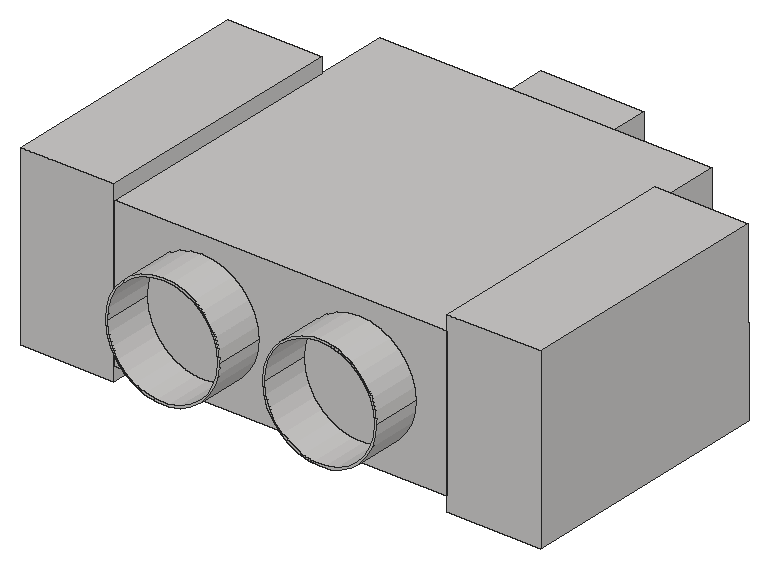
Revit family
Parameters
  Width = 1' - 11"
  Unit Weight = "79.0 lbs"
  URL = "http://www.titus-hvac.com/"
  UL = "181"
  SteriLoc Liner = Liner Option = 3  # no
  Outlet Width = 0' - 7 1/8"
  Outlet Height = 0' - 8 1/8"
  Nominal Width = Width + 1' 1"  # 3' - 0"
  Nominal Length = Length + Inlet Length + 0' 4"  # 2' - 6 3/8"
  Nominal Inlet Size = 0' - 8"
  Nominal Height = if(Height > 1' 0 1/4", Height, 1' 0 1/4")  # 1' - 0 1/4"
  NFPA = "90A"
  Model = "DEDV"
  Min. Air Flow = 0 CFM
  Max. Air Flow = 900 CFM
  Material = Steel
  Manufacturer = "Titus"
  Liner Option = 0
  Length = 1' - 11"
  Inlet Void Radius = Inlet Radius - 0' 0 1/8"  # 0' - 3 13/16"
  Inlet Radius = Inlet Diameter / 2  # 0' - 3 15/16"
  Inlet Offset = 0' - 10 7/8"
  Inlet Length = 0' - 3 3/8"
  Inlet Diameter = Nominal Inlet Size - 0' 0 1/8"  # 0' - 7 7/8"
  Height = 0' - 10 1/4"
  Heat Air Pressure Drop [instance] = 0.00 in-wg
  Heat Air Flow [instance] = 0 CFM
  Fiber Free Liner = Liner Option = 2  # no
  Duct Radius = Nominal Inlet Size / 2  # 0' - 4"
  Design Air Flow [instance] = 0 CFM
  Description = "Dual Duct Terminal Unit, Direct Digital Control, Pressure Independent, with Integral Mixer/Attenuator"
  Cool Air Pressure Drop [instance] = 0.00 in-wg
  Cool Air Flow [instance] = 0 CFM
  CADworks URL = "www.CADworks.net"
  Assembly Code = "D3040100"
  1/2" Fiberglass Liner = Liner Option = 0  # yes
  1" Fiberglass Liner = Liner Option = 1  # no
Reference planes (in)
  plane 1 "Center (Front/Back)": y = 0
  plane 2: z = 0
  plane 3 "Center (Left/Right)": x = 0
  plane 4: x = 11.5
  plane 5: x = -11.5
  plane 6: y = 11.5
  plane 7: y = -11.5
  plane 8: z = 5.125
  plane 9: z = -5.125
  plane 10: x = -5.4375
  plane 11: x = 5.4375
  plane 12: y = -14.875
  plane 13: y = 15.5
  plane 14: x = -18
  plane 15: x = 18
  plane 16: z = 6.125
  plane 17: z = -6.125
Forms (in)
  Extrusion 1, solid, material "Steel" <- "Material"
    sketch origin (0, 70.5, 0) x (1, 0, 0) y (0, 0, 1)
      loop
        line (-11.5, 5.125) -> (-11.5, -5.125) -> (11.5, -5.125) -> (11.5, 5.125) -> (-11.5, 5.125)
    from 59 to 82
  Extrusion 2, solid, material "Steel" <- "Material"
    sketch origin (0, 6.5, 0) x (1, 0, 0) y (0, 0, 1)
      loop
        line (11.5, 6.125) -> (11.5, -6.125) -> (18, -6.125) -> (18, 6.125) -> (11.5, 6.125)
    from 0 to 18
  Extrusion 3, solid, material "Steel" <- "Material"
    sketch origin (0, 8.5, 0) x (-1, 0, 0) y (0, 0, -1)
      loop
        line (11.5, -6.125) -> (18, -6.125) -> (18, 6.125) -> (11.5, 6.125) -> (11.5, -6.125)
    from 2 to 20
  Extrusion 4, solid, material "Steel" <- "Material"
    sketch origin (-3, -19, 0) x (1, 0, 0) y (0, 0, 1)
      loop
        circle (-2.4375, 0) r 3.9375
    from -7.5 to -4.125
  Extrusion 5, solid, material "Steel" <- "Material"
    sketch origin (-1.5, -6, 0) x (-1, 0, 0) y (0, 0, -1)
      loop
        circle (-6.9375, 0) r 3.9375
    from 5.5 to 8.875
  Extrusion 6, void
    sketch origin (0, -10.375, 0) x (1, 0, 0) y (0, 0, 1)
      loop
        circle (-5.4375, 0) r 3.8125
    from 1.125 to 4.5
  Extrusion 7, void
    sketch origin (0, 0, 0) x (1, 0, 0) y (0, 0, 1)
      loop
        circle (5.4375, 0) r 3.8125
    from 11.5 to 14.875
  Extrusion 8, solid, material "Steel" <- "Material"
    sketch origin (0, 23, 0) x (1, 0, 0) y (0, 0, 1)
      loop
        line (-3.5625, 4.0625) -> (-3.5625, -4.0625) -> (3.5625, -4.0625) -> (3.5625, 4.0625) -> (-3.5625, 4.0625)
    from 7.5 to 11.5
  Extrusion 9, void
    sketch origin (0, 34.5, 0) x (1, 0, 0) y (0, 0, 1)
      loop
        line (-3.4375, 3.9375) -> (-3.4375, -3.9375) -> (3.4375, -3.9375) -> (3.4375, 3.9375) -> (-3.4375, 3.9375)
    from 19 to 23
Cuts and joins
  Extrusion 6, Extrusion 7, Extrusion 9 cuts Extrusion 1
  Extrusion 6 cuts Extrusion 4
  Extrusion 7 cuts Extrusion 5
  Extrusion 9 cuts Extrusion 8
Dimensions and locks (in)
  "Length": plane 7 to plane 6
  equal spacing: plane 7, plane 1 "Center (Front/Back)", plane 6
  "Width": plane 5 to plane 4
  equal spacing: plane 5, plane 3 "Center (Left/Right)", plane 4
  "Height": plane 9 to plane 8
  equal spacing: plane 9, level, plane 8
  locked: Extrusion 2 to plane 7 at 18
  locked: Extrusion 2 to Extrusion 2 at 12.25
  equal spacing: Extrusion 2, plane 2, Extrusion 2
  locked: Extrusion 2 to plane 4 at 6.5
  locked: Extrusion 3 to Extrusion 3 at 12.25
  equal spacing: Extrusion 3, plane 2, Extrusion 3
  locked: Extrusion 3 to plane 5 at 6.5
  locked: Extrusion 3 to plane 7 at 18
  "Inlet Offset": plane 10 to plane 11
  equal spacing: plane 10, plane 3 "Center (Left/Right)", plane 11
  "Inlet Length": plane 7 to plane 12
  "Inlet Length": plane 7 to Extrusion 4
  "Inlet Length": Extrusion 5 to plane 7
  locked: plane 6 to plane 13 at 4
  "Outlet Width": Extrusion 8 sketch curve to Extrusion 8 sketch curve
  equal spacing: Extrusion 8 sketch curve, plane 3 "Center (Left/Right)", Extrusion 8 sketch curve
  locked: cut or joined group of Extrusion 8, Extrusion 9 to Extrusion 9 sketch curve at 0.125  (x3)
  locked: Extrusion 9 sketch curve to cut or joined group of Extrusion 8, Extrusion 9 at 0.125
  "Outlet Height": Extrusion 8 sketch curve to Extrusion 8 sketch curve
  equal spacing: Extrusion 8 sketch curve, plane 2, Extrusion 8 sketch curve
  "Nominal Width": plane 14 to plane 15
  plane 13 to plane 12 = 2' - 6 3/8"
  locked: plane 14 to plane 5 at 6.5
  plane 9 to cut or joined group of Extrusion 8, Extrusion 9 = 0' - 1 1/16"  (x3)
  plane 8 to cut or joined group of Extrusion 8, Extrusion 9 = 0' - 1 1/16"  (x2)
  "Inlet Radius": plane 11 to cut or joined group of Extrusion 5, Extrusion 7
  "Inlet Radius": cut or joined group of Extrusion 4, Extrusion 6 to plane 10
  "Inlet Radius": radius of Extrusion 4 sketch curve
  "Inlet Radius": radius of Extrusion 5 sketch curve
  "Inlet Void Radius": radius of Extrusion 6 sketch curve
  "Inlet Void Radius": radius of Extrusion 7 sketch curve
  aligned and locked: plane 6 to Extrusion 1
  aligned and locked: plane 4 to Extrusion 1
  aligned and locked: plane 5 to Extrusion 1
  aligned and locked: plane 7 to Extrusion 1
  aligned and locked: plane 8 to Extrusion 1
  aligned and locked: plane 7 to Extrusion 2
  aligned and locked: plane 7 to Extrusion 3
  aligned and locked: plane 12 to Extrusion 4
  aligned and locked: plane 7 to Extrusion 4
  aligned and locked: plane 7 to Extrusion 5
  aligned and locked: plane 6 to Extrusion 8
  aligned and locked: plane 13 to Extrusion 8
  aligned and locked: plane 12 to cut or joined group of Extrusion 4, Extrusion 6
  aligned and locked: plane 12 to cut or joined group of Extrusion 5, Extrusion 7
  aligned and locked: plane 13 to cut or joined group of Extrusion 8, Extrusion 9
  aligned and locked: plane 14 to Extrusion 3
  aligned and locked: plane 15 to Extrusion 2
  aligned and locked: cut or joined group of Extrusion 5, Extrusion 7 to cut or joined group of Extrusion 1, Extrusion 6, Extrusion 7, Extrusion 9
  aligned and locked: cut or joined group of Extrusion 4, Extrusion 6 to cut or joined group of Extrusion 1, Extrusion 6, Extrusion 7, Extrusion 9
  aligned and locked: cut or joined group of Extrusion 1, Extrusion 6, Extrusion 7, Extrusion 9 to cut or joined group of Extrusion 4, Extrusion 6  (x2)
  aligned and locked: plane 7 to Extrusion 7
  aligned and locked: Extrusion 7 to plane 12
  aligned and locked: plane 7 to Extrusion 6
  aligned and locked: Extrusion 6 to plane 12
  aligned and locked: Extrusion 9 to Extrusion 1
  aligned and locked: Extrusion 9 to plane 13
Automatic sketch dimensions
  Extrusion 1 sketch curve to plane 5 = 0' - 0"
  Extrusion 1 sketch curve to plane 4 = 0' - 0"
  Extrusion 1 sketch curve to plane 9 = 0' - 0"
  Extrusion 1 sketch curve to plane 8 = 0' - 0"
  Extrusion 2 sketch curve to plane 4 = 0' - 0"
  plane 9 to Extrusion 2 sketch curve = 0' - 1"
  Extrusion 2 sketch curve to Extrusion 2 sketch curve = 0' - 6 1/2"
  Extrusion 2 sketch curve to plane 8 = 0' - 1"
  Extrusion 3 sketch curve to plane 5 = 0' - 0"
  plane 9 to Extrusion 3 sketch curve = 0' - 1"
  Extrusion 3 sketch curve to Extrusion 3 sketch curve = 0' - 6 1/2"
  Extrusion 3 sketch curve to plane 8 = 0' - 1"
  Extrusion 4 sketch curve to level = 0' - 0"
  Extrusion 4 sketch curve to plane 10 = 0' - 0"
  Extrusion 5 sketch curve to level = 0' - 0"
  Extrusion 5 sketch curve to plane 11 = 0' - 0"
  Extrusion 6 sketch curve to level = 0' - 0"
  Extrusion 6 sketch curve to plane 10 = 0' - 0"
  Extrusion 7 sketch curve to level = 0' - 0"
  Extrusion 7 sketch curve to plane 11 = 0' - 0"
Connectors (in)
  hvac at (5.4375, -14.875, 0), driven by "Duct Radius", driven by "Cool Air Flow", driven by "Cool Air Pressure Drop"
    settings: on cut or joined group of Extrusion 5, Extrusion 7, index 1
  hvac at (-5.4375, -14.875, 0), driven by "Duct Radius", driven by "Heat Air Pressure Drop", driven by "Heat Air Flow"
    settings: on cut or joined group of Extrusion 4, Extrusion 6, index 2
  hvac at (0, 15.5, 0), driven by "Outlet Height", driven by "Outlet Width", driven by "Design Air Flow"
    settings: on cut or joined group of Extrusion 8, Extrusion 9, index 3
